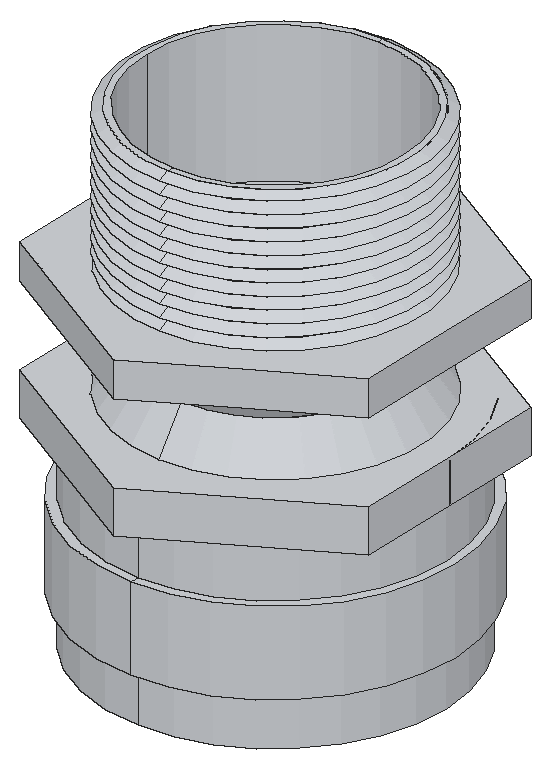
Revit family "FCSG25N", category Generic Models, Revit 2017
Family settings
  Can host rebar = No
  Round Connector Dimension = Use Diameter
  Part Type = Normal
  Work Plane-Based = Yes
  Always vertical = No
  Cut with Voids When Loaded = No
  Shared = No
  Room Calculation Point = No
Parameters (values of type "NBS Standard Parameters")
  Weight = "0.076kg"
  WarrantyStartDate [instance] = "1900-12-31T23:59:59"
  WarrantyGuarantorParts = "12 Months"
  WarrantyGuarantorLabor = "n/a"
  WarrantyDurationUnit = "12 Months"
  WarrantyDurationParts = "n/a"
  WarrantyDurationLabor = "n/a"
  WarrantyDescription = "n/a"
  Version = "1"
  Uniclass2 = "Pr_65_70_11_30"
  URL = "www.metpro.co.uk"
  TagNumber [instance] = "n/a"
  SustainabilityPerformance = "n/a"
  Size = "25mm"
  Shape = "Circular"
  SerialNumber [instance] = "n/a"
  Revision = "n/a"
  ReplacementCost = "n/a"
  ProductInformation = "www.metpro.co.uk/pdf/FCSG25N.pdf"
  NominalWidth = 30 mm
  NominalLength = 40 mm
  NominalHeight = 30 mm
  Name = "FCSG25N - FLEXICONDUIT ADAPTOR"
  NBSTypeID = "n/a"
  NBSReference = "90-55-10/360"
  NBSOfficeMasterTag = "n/a"
  NBSNote = "n/a"
  NBSDescription = "Flexible Conduit"
  NBSCertification = "n/a"
  ModelReference = "Flexiconduit fittings"
  ModelNumber = "FCSG25N"
  Material = "Brass"
  ManufacturerURL = "www.metpro.co.uk"
  ManufacturerName = "Metpro ltd"
  Manufacturer = "Metpro Limited"
  Keynote = "IP54 Rated"
  InstallationDate [instance] = "1900-12-31T23:59:59"
  IfcExportType = ""
  IfcExportAs = ""
  Grade = "n/a"
  Finish = "Nickel Plated"
  Features = "n/a"
  ExpectedLife = "n/a"
  DurationUnit = "1 Year"
  Description = "FCSG25N - 25mm Swivel Adaptor"
  Default Elevation = 1219.2 mm
  Constituents = "n/a"
  Color = "Brass"
  CodePerformance = "n/a"
  Category = "n/a"
  BarCode [instance] = "n/a"
  BIMObjectName = "Metpro_Metprolibrary_Flexiconduit_Conduitaccessories"
  Author = "Metpro"
  AssetType = "Fixed"
  AssetIdentifier [instance] = "n/a"
  AccessibilityPerformance = "n/a"
Reference planes
  plane 1 "Center (Front/Back)": y = 0
  plane 2: z = -49.367
  plane 3 "Center (Left/Right)": x = 0
Forms (mm)
  Revolve 1, solid
    sketch origin (0, 0, 0) x (0, 1, 0) y (0, 0, 1)
      loop
        line (107.004, 5.562) -> (107.004, 44.861) -> (95.417, 44.861) -> (94.635, 44.41) -> (95.544, 43.886) -> (94.635, 43.361) -> (95.544, 42.837) -> (94.635, 42.312) -> (95.544, 41.787) -> (94.635, 41.263) -> (95.544, 40.738) -> (94.635, 40.214) -> (95.544, 39.689) -> (94.635, 39.165) -> (95.544, 38.64) -> (94.635, 38.116) -> (95.544, 37.591) -> (94.635, 37.067) -> (95.544, 36.542) -> (94.635, 36.018) -> (95.544, 35.493) -> (94.635, 34.968) -> (95.544, 34.444) -> (94.635, 33.919) -> (95.544, 33.395) -> (94.635, 32.87) -> (92.004, 32.87) -> (92.004, 29.901) -> (94.504, 29.901) -> (97.004, 26.418) -> (94.504, 22.935) -> (92.004, 22.935) -> (92.004, 19.395) -> (94.902, 19.395) -> (97.004, 17.293) -> (97.004, 5.562) -> (107.004, 5.562)
      axis (107.004, 5.562) -> (107.004, 44.861)
    angle from 0 to 360
  Extrusion 2, solid
    sketch origin (0, 107.004, 32.87) x (-1, 0, 0) y (0, -1, 0)
      loop
        line (-15, -8.66) -> (0, -17.321) -> (15, -8.66) -> (15, 8.66) -> (0, 17.321) -> (-15, 8.66) -> (-15, -8.66)
    from 0 to -3
  Extrusion 3, solid
    sketch origin (0, 107.004, 22.935) x (-1, 0, 0) y (0, -1, 0)
      loop
        line (0, 17.321) -> (-15, 8.66) -> (-15, -8.66) -> (0, -17.321) -> (15, -8.66) -> (15, 8.66) -> (0, 17.321)
    from 0.1 to -3.6
  Extrusion 4, void
    sketch origin (0, 107.004, 5.562) x (0, 1, 0) y (-1, 0, 0)
      loop
        circle (0, 0) r 9
    from 0 to 50
  Extrusion 5, void
    sketch origin (0, 107.004, 44.861) x (0, -1, 0) y (-1, 0, 0)
      loop
        circle (0, 0) r 11.042
    from 0 to 12
  Revolve 6, solid
    sketch origin (0, 0, 0) x (0, 1, 0) y (0, 0, 1)
      loop
        line (94.014, 19.335) -> (92.3, 19.335) -> (92.3, 14.958) -> (91.515, 14.958) -> (91.515, 7.787) -> (92.3, 7.787) -> (92.3, 3.586) -> (93.14, 3.586) -> (93.14, 17.199) -> (94.014, 17.199) -> (94.014, 19.335)
      axis (107.004, 19.335) -> (107.004, 3.586)
    angle from 0 to 360
Cuts and joins
  Extrusion 4, Extrusion 5 cuts Revolve 1
  Extrusion 4, Extrusion 5 cuts Extrusion 2
  joined: Revolve 1, Extrusion 2
  Extrusion 4 cuts Extrusion 3
Dimensions and locks
  aligned and locked: level to plane 2
  aligned and locked: Revolve 1 sketch curve to Revolve 1 sketch curve
